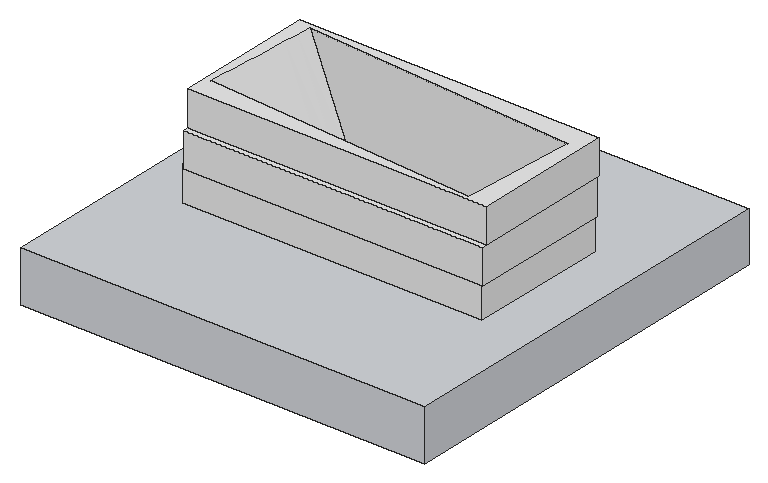
Revit family
Parameters (values of type "Cast_Acrylic-Honed_White-HW1")
  Width [instance] = 6' - 0 3/8"
  Waste Connection = yes
  WFU = 0
  URL = "http://www.us.kohler.com"
  Sanitary Radius = 3/4"
  Sanitary Diameter = Sanitary Radius * 2  # 1 1/2"
  Sanitary Connector = "Sanitary Connection"  # constant formula
  Product Page URL = "http://www.us.kohler.com/onlinecatalog/detail.jsp?prod_num=1801"
  Product Documentation Link = "http://www.us.kohler.com/onlinecatalog/pdf/1145129_4.pdf"
  Model = "1801"  # constant formula
  Manufacturer = "Kohler"  # constant formula
  Length [instance] = 2' - 10 9/16"
  Height [instance] = 2' - 0 9/16"
  Finish = Cast_Acrylic-Kohler-HW1-Honed_White
  Description = "Askew(TM) freestanding bath"  # constant formula
  Default Elevation = 0' - 0"
  Created By = "http://www.medialab3dstudio.com/"
  Assembly Code = "D2010510"
  ADA Compliant = no
Reference planes (in)
  plane 1 "Center (Front/Back)": y = 0
  plane 2: z = 0
  plane 3 "Center (Left/Right)": x = 0
  plane 4: y = -17
  plane 5: y = 17.5625
  plane 6: x = -35.3125
  plane 7: x = 37.0625
  plane 8: x = -32.46974
  plane 9: z = 24.5625
  plane 10: x = 32.4375
  plane 11: x = -2.89685
  plane 12: y = -1.1834
  plane 13: y = -0.85174
  plane 14: x = 1.75724
  plane 15: x = 1.99812
  plane 16: y = 2.70352
  plane 17: y = 2.37186
  plane 18: x = -3.13774
  plane 19: y = 2.34365
  plane 20: x = 1.45254
  plane 21: y = -0.82289
  plane 22: x = -2.59474
  plane 23: x = -2.39766
  plane 24: y = -0.56151
  plane 25: y = 2.08228
  plane 26: x = 1.25529
  plane 27: y = 0.76562
  plane 28: x = -0.57031
  plane 29: x = -0.57031
  plane 30: y = 0.76562
Forms (in)
  Extrusion 1, solid
    sketch origin (0, 0, 0) x (1, 0, 0) y (0, 1, 0)
      loop
        line (-48, 48) -> (-48, -48) -> (48, -48) -> (48, 48) -> (-48, 48)
    from 0 to -12
  Blend 2, void
    base sketch origin (0.00115, 17.56293, 0) x (1, 0, 0) y (0, 1, 0)
      loop
        line (-2.898, -14.85941) -> (-3.13888, -18.41467) -> (1.75609, -18.74633) -> (1.99697, -15.19107) -> (-2.898, -14.85941)
    top sketch origin (0.00115, 17.56293, 0) x (1, 0, 0) y (0, 1, 0)
      loop
        line (-2.39881, -15.21928) -> (-2.59589, -18.12444) -> (1.25414, -18.38581) -> (1.45139, -15.48065) -> (-2.39881, -15.21928)
    from 0.5 to 0.25
  Blend 3, void
    base sketch origin (0.00115, 17.56293, 0) x (1, 0, 0) y (0, 1, 0)
      loop
        arc (-1.32146, -16.7973) -> (-1.10179, -17.32763) -> (-0.57146, -17.5473) r 0.75
        arc (-0.57146, -17.5473) -> (-0.04113, -17.32763) -> (0.17854, -16.7973) r 0.75
        arc (0.17854, -16.7973) -> (-0.04113, -16.26697) -> (-0.57146, -16.0473) r 0.75
        arc (-0.57146, -16.0473) -> (-1.10179, -16.26697) -> (-1.32146, -16.7973) r 0.75
    top sketch origin (0.00115, 17.56293, 0) x (1, 0, 0) y (0, 1, 0)
      loop
        arc (-1.82146, -16.7973) -> (-1.45534, -17.68119) -> (-0.57146, -18.0473) r 1.25
        arc (-0.57146, -18.0473) -> (0.31242, -17.68119) -> (0.67854, -16.7973) r 1.25
        arc (0.67854, -16.7973) -> (0.31242, -15.91342) -> (-0.57146, -15.5473) r 1.25
        arc (-0.57146, -15.5473) -> (-1.45534, -15.91342) -> (-1.82146, -16.7973) r 1.25
    from 0 to 0.25
  Blend 4, void
    base sketch origin (0, 0, 0) x (1, 0, 0) y (0, 1, 0)
      loop
        line (-22.40198, -11.24846) -> (21.23304, -14.18378) -> (23.19562, 12.8638) -> (-20.50983, 15.80385) -> (-22.40198, -11.24846)
    top sketch origin (0, 0, 0) x (1, 0, 0) y (0, 1, 0)
      loop
        line (-30.78651, 16.49516) -> (-32.80503, -10.54865) -> (32.04461, -14.91107) -> (33.86474, 12.14609) -> (-30.78651, 16.49516)
    from 0.5 to 24.5625
  Extrusion 5, solid, material "Cast_Acrylic-Kohler-HW1-Honed_White" <- "Finish"
    sketch origin (0, 0, 0) x (1, 0, 0) y (0, 1, 0)
      loop
        line (-35.3125, 17.5625) -> (-35.3125, -15.75) -> (35.8125, -15.75) -> (35.8125, 17.5625) -> (-35.3125, 17.5625)
    from 0 to 8.1875
  Extrusion 6, solid, material "Cast_Acrylic-Kohler-HW1-Honed_White" <- "Finish"
    sketch origin (1.25, -0.75, 0) x (1, 0, 0) y (0, 1, 0)
      loop
        line (-35.3125, 17.5625) -> (-35.3125, -16.25) -> (35.8125, -16.25) -> (35.8125, 17.5625) -> (-35.3125, 17.5625)
    from 8.1875 to 16.375
  Extrusion 7, solid, material "Cast_Acrylic-Kohler-HW1-Honed_White" <- "Finish"
    sketch origin (1.16572, 0, 0) x (1, 0, 0) y (0, 1, 0)
      loop
        line (-35.3125, 17.5625) -> (-35.3125, -15.75) -> (35.8125, -15.75) -> (35.8125, 17.5625) -> (-35.3125, 17.5625)
    from 16.375 to 24.5625
Cuts and joins
  Blend 2, Blend 3, Blend 4 cuts Extrusion 5
  Blend 4 cuts Extrusion 6
  Blend 4 cuts Extrusion 7
  joined: Extrusion 5, Extrusion 6, Extrusion 7
Lines and regions (in)
  Masking region 1, detail levels coarse
    outline origin (0, 0, 0) x (1, 0, 0) y (0, 1, 0)
      loop
        line (-35.3125, 17.5625) -> (-35.3125, -17) -> (37.0625, -17) -> (37.0625, 17.5625) -> (-35.3125, 17.5625)
  Masking region 2, detail levels medium+fine
    outline origin (0, 0, 0) x (1, 0, 0) y (0, 1, 0)
      loop
        line (-34.0625, -17) -> (37.0625, -17) -> (37.0625, 17.5625) -> (-35.3125, 17.5625) -> (-35.3125, -15.75) -> (-34.0625, -15.75) -> (-34.0625, -17)
  Masking region 3, detail levels coarse
    outline origin (0, 0, 0) x (1, 0, 0) y (0, 0, 1)
      loop
        line (-35.3125, 24.5625) -> (-35.3125, 0) -> (37.0625, 0) -> (37.0625, 24.5625) -> (-35.3125, 24.5625)
  Masking region 4, detail levels medium+fine
    outline origin (0, 0, 0) x (1, 0, 0) y (0, 0, 1)
      loop
        line (-35.3125, 0) -> (35.8125, 0) -> (35.8125, 8.1875) -> (37.0625, 8.1875) -> (37.0625, 16.375) -> (36.97822, 16.375) -> (36.97822, 24.5625) -> (-34.14678, 24.5625) -> (-34.14678, 16.375) -> (-34.0625, 16.375) -> (-34.0625, 8.1875) -> (-35.3125, 8.1875) -> (-35.3125, 0)
  Masking region 5, detail levels coarse
    outline origin (0, 0, 0) x (0, 1, 0) y (0, 0, 1)
      loop
        line (17.5625, 24.5625) -> (-17, 24.5625) -> (-17, 0) -> (17.5625, 0) -> (17.5625, 24.5625)
  Masking region 6, detail levels medium+fine
    outline origin (0, 0, 0) x (0, 1, 0) y (0, 0, 1)
      loop
        line (17.5625, 0) -> (17.5625, 8.1875) -> (16.8125, 8.1875) -> (16.8125, 16.375) -> (17.5625, 16.375) -> (17.5625, 24.5625) -> (-15.75, 24.5625) -> (-15.75, 16.375) -> (-17, 16.375) -> (-17, 8.1875) -> (-15.75, 8.1875) -> (-15.75, 0) -> (17.5625, 0)
  symbolic lines, style "Masking Lines", detail levels fine
    curve 1: line (-34.14678, 17.5625, 0) -> (-34.14678, -15.75, 0)
    curve 2: line (-34.14678, -15.75, 0) -> (36.97822, -15.75, 0)
    curve 3: line (-32.80503, -10.54865, 0) -> (32.04461, -14.91107, 0)
    curve 4: line (-30.78651, 16.49516, 0) -> (-32.80503, -10.54865, 0)
    curve 5: line (-20.50983, 15.80385, 0) -> (-22.40198, -11.24846, 0)
    curve 6: line (33.86474, 12.14609, 0) -> (-30.78651, 16.49516, 0)
    curve 7: line (21.23304, -14.18378, 0) -> (23.19562, 12.8638, 0)
    curve 8: line (32.04461, -14.91107, 0) -> (33.86474, 12.14609, 0)
    curve 9: line (37.0625, 0, 16.375) -> (-34.0625, 0, 16.375)
    curve 10: line (-34.0625, 0, 8.1875) -> (37.0625, 0, 8.1875)
    curve 11: line (0, -15.75, 16.375) -> (0, 17.5625, 16.375)
    curve 12: line (0, 17.5625, 8.1875) -> (0, -15.75, 8.1875)
Dimensions and locks (in)
  plane 18 to plane 11 to plane 14 to plane 15 = 0' - 0.24088" locked, 0' - 4.65409", 0' - 0.24088" locked
  plane 12 to plane 13 to plane 17 to plane 16 = 0' - 0.33166" locked, 0' - 3.2236" locked, 0' - 0.33166" locked
  plane 22 to plane 23 to plane 26 to plane 20 = 0' - 0.19708" locked, 0' - 3.65295", 0' - 0.19725" locked
  plane 19 to plane 25 to plane 24 to plane 21 = 0' - 0.26137" locked, 0' - 2.64379" locked, 0' - 0.26137" locked
  "Width": plane 6 to plane 7
  "Length": plane 5 to plane 4
  "Height": plane 9 to plane 2
  aligned and locked: plane 2 to Extrusion 1
  aligned and locked: level to Extrusion 1
  aligned and locked: plane 11 to Blend 2 sketch curve
  aligned and locked: plane 16 to Blend 2 sketch curve
  aligned and locked: plane 18 to Blend 2 sketch curve
  aligned and locked: plane 13 to Blend 2 sketch curve
  aligned and locked: plane 14 to Blend 2 sketch curve
  aligned and locked: plane 12 to Blend 2 sketch curve
  aligned and locked: plane 17 to Blend 2 sketch curve
  aligned and locked: plane 15 to Blend 2 sketch curve
  aligned and locked: plane 19 to Blend 2 sketch curve
  aligned and locked: plane 23 to Blend 2 sketch curve
  aligned and locked: plane 22 to Blend 2 sketch curve
  aligned and locked: plane 24 to Blend 2 sketch curve
  aligned and locked: plane 26 to Blend 2 sketch curve
  aligned and locked: plane 21 to Blend 2 sketch curve
  aligned and locked: plane 25 to Blend 2 sketch curve
  aligned and locked: plane 20 to Blend 2 sketch curve
  aligned and locked: plane 28 to Blend 3 sketch curve  (x2)
  aligned and locked: plane 27 to Blend 3 sketch curve  (x2)
  aligned and locked: plane 29 to Blend 3 sketch curve  (x2)
  aligned and locked: plane 30 to Blend 3 sketch curve  (x2)
Automatic sketch dimensions
  Extrusion 1 sketch curve to Extrusion 1 sketch curve = 8' - 0"  (x2)
  Blend 3 sketch curve to Blend 3 sketch curve = 0' - 0 3/4"
  Blend 3 sketch curve to Blend 3 sketch curve = 0' - 1 1/4"
  Blend 4 sketch curve to plane 8 = 0' - 10.06776"
  Blend 4 sketch curve to plane 5 = 0' - 1.75865"
  Blend 4 sketch curve to plane 8 = 0' - 11.95991"
  plane 4 to Blend 4 sketch curve = 0' - 2.81622"
  plane 10 to Blend 4 sketch curve = 0' - 11.20446"
  plane 10 to Blend 4 sketch curve = 0' - 9.24188"
  plane 4 to Blend 4 sketch curve = 0' - 5.75154"
  Blend 4 sketch curve to plane 5 = 0' - 4.6987"
  plane 8 to Blend 4 sketch curve = 0' - 0.33529"
  Blend 4 sketch curve to plane 8 = 0' - 1.68323"
  plane 10 to Blend 4 sketch curve = 0' - 0.39289"
  Blend 4 sketch curve to plane 10 = 0' - 1.42724"
  plane 4 to Blend 4 sketch curve = 0' - 2.08893"
  plane 1 "Center (Front/Back)" to Blend 4 sketch curve = 0' - 10.54865"
  Extrusion 5 sketch curve to plane 6 = 0' - 0"
  Extrusion 5 sketch curve to plane 5 = 0' - 0"
  plane 7 to Extrusion 5 sketch curve = 0' - 1 1/4"
  plane 4 to Extrusion 5 sketch curve = 0' - 1 1/4"
  Extrusion 6 sketch curve to plane 4 = 0' - 0"
  Extrusion 6 sketch curve to plane 7 = 0' - 0"
  Extrusion 6 sketch curve to plane 6 = 0' - 1 1/4"
  Extrusion 6 sketch curve to plane 5 = 0' - 0 3/4"
  Extrusion 7 sketch curve to plane 5 = 0' - 0"
  Extrusion 7 sketch curve to plane 6 = 0' - 1.16572"
  plane 7 to Extrusion 7 sketch curve = 0' - 0.08428"
  plane 4 to Extrusion 7 sketch curve = 0' - 1 1/4"
  Masking region 1 sketch curve to plane 4 = 0' - 0"
  Masking region 1 sketch curve to plane 6 = 0' - 0"
  Masking region 1 sketch curve to plane 7 = 0' - 0"
  Masking region 1 sketch curve to plane 5 = 0' - 0"
  Masking region 2 sketch curve to plane 5 = 0' - 0"
  Masking region 2 sketch curve to plane 6 = 0' - 0"
  Masking region 2 sketch curve to plane 4 = 0' - 0"
  Masking region 2 sketch curve to plane 7 = 0' - 0"
  Masking region 2 sketch curve to Masking region 2 sketch curve = 0' - 1 1/4"
  plane 4 to Masking region 2 sketch curve = 0' - 1 1/4"
  curve 1 to plane 5 = 0' - 0"
  curve 1 to plane 6 = 0' - 1.16572"
  plane 7 to curve 2 = 0' - 0.08428"
  plane 4 to curve 2 = 0' - 1 1/4"
  plane 8 to curve 3 = 0' - 0.33529"
  curve 4 to plane 8 = 0' - 1.68323"
  plane 10 to curve 3 = 0' - 0.39289"
  plane 4 to curve 3 = 0' - 2.08893"
  curve 4 to plane 5 = 0' - 1.06734"
  plane 4 to curve 5 = 0' - 5.75154"
  curve 5 to plane 5 = 0' - 1.75865"
  curve 6 to plane 10 = 0' - 1.42724"
  plane 4 to curve 7 = 0' - 2.81622"
  curve 7 to plane 5 = 0' - 4.6987"
  Masking region 3 sketch curve to level = 0' - 0"
  plane 6 to Masking region 3 sketch curve = 0' - 0"
  plane 7 to Masking region 3 sketch curve = 0' - 0"
  Masking region 3 sketch curve to plane 9 = 0' - 0"
  plane 6 to Masking region 4 sketch curve = 0' - 0"
  Masking region 4 sketch curve to plane 9 = 0' - 0"
  Masking region 4 sketch curve to level = 0' - 0"
  plane 7 to Masking region 4 sketch curve = 0' - 0"
  Masking region 4 sketch curve to plane 6 = 0' - 1.16572"
  Masking region 4 sketch curve to Masking region 4 sketch curve = 0' - 1 1/4"
  plane 7 to Masking region 4 sketch curve = 0' - 1 1/4"
  plane 7 to Masking region 4 sketch curve = 0' - 0.08428"
  level to Masking region 4 sketch curve = 0' - 8 3/16"  (x2)
  Masking region 4 sketch curve to plane 9 = 0' - 8 3/16"  (x2)
  Masking region 5 sketch curve to plane 4 = 0' - 0"
  Masking region 5 sketch curve to level = 0' - 0"
  Masking region 5 sketch curve to plane 5 = 0' - 0"
  Masking region 5 sketch curve to plane 9 = 0' - 0"
  Masking region 6 sketch curve to plane 4 = 0' - 0"
  Masking region 6 sketch curve to level = 0' - 0"
  Masking region 6 sketch curve to plane 9 = 0' - 0"
  Masking region 6 sketch curve to plane 5 = 0' - 0"  (x2)
  plane 4 to Masking region 6 sketch curve = 0' - 1 1/4"  (x2)
  Masking region 6 sketch curve to plane 5 = 0' - 0 3/4"
  level to Masking region 6 sketch curve = 0' - 8 3/16"  (x2)
  Masking region 6 sketch curve to Masking region 6 sketch curve = 0' - 8 3/16"  (x2)
Connectors (in)
  piping at (-0.57031, 0.76562, 0), driven by "Sanitary Radius", driven by "WFU", driven by "Waste Connection", driven by "Sanitary Connector"
    settings: on cut or joined group of Blend 2, Blend 3, Blend 4, Extrusion 5, Extrusion 6, Extrusion 7, index 1, connector radius 3/4", flow factor 0, pipe flow 0 GPM, pressure drop 0.00 psi, fitting loss kfactor 0, connector angle 0.00°, fixture units 0, flow configuration 3, flow direction 2, fitting loss method 0, system type 16, connector reference index -1, connector utility 1, adjustable connector no, is connector primary yes, fitting loss table "", connector description "Sanitary Connection"
